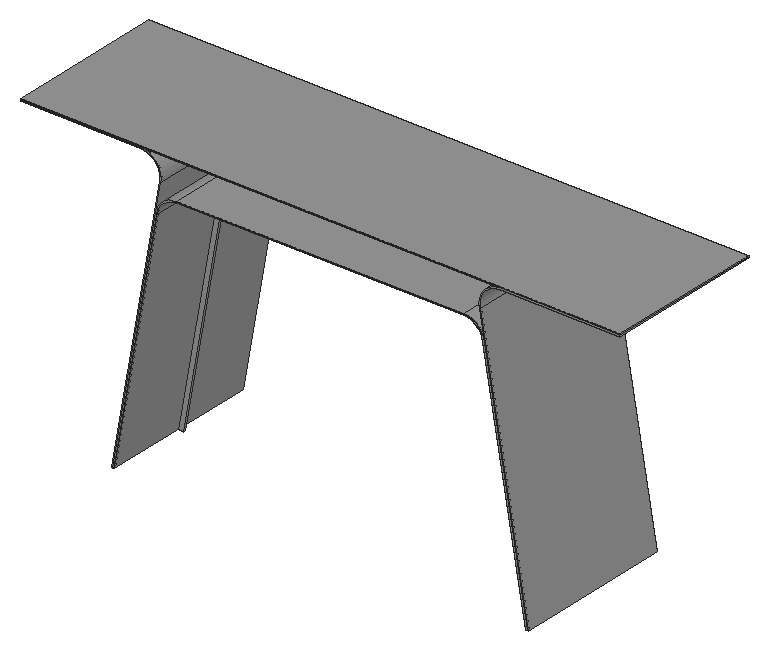
Revit family "Inari-LivingDivani", category Furniture, Revit 2013
Parameters
  URL = "http://www.livingdivani.it"
  Model = "Inari"
  Mat. Struttura = Plastic, Opaque Black
  Manufacturer = "Living Divani"
  Description = ""
  Codice prodotto = "INAS150"
Reference planes (cm)
  plane 1 "Centro (Fronte/Retro)": y = 0
  plane 2: z = 0
  plane 3 "Centro (Sinistra/Destra)": x = 0
  plane 4 "top": z = 72
  plane 5: x = 110
  plane 6: x = -110
  plane 7 "base": z = 63.5
Forms (cm)
  Extrusion 1, solid, material "Linen, White", not visible
    sketch origin (0, 0, 0) x (1, 0, 0) y (0, 0, 1)
      loop
        line (-85, 18) -> (-85, 29.1823)
        arc (-85, 29.1823) -> (-80.169, 48.2596) -> (-84.4597, 67.4656) r 42.4528
        arc (-84.4597, 67.4656) -> (-85.5057, 68.8949) -> (-86.9843, 69.8699) r 5
        arc (-86.9843, 69.8699) -> (-93.3299, 70.9774) -> (-99.4999, 69.1268) r 14.0026
        arc (-99.4999, 69.1268) -> (-99.866, 68.7608) -> (-100, 68.2607) r 1
        line (-100, 68.2607) -> (-100, 18) -> (-85, 18)
    from -55 to 28.969
  Extrusion 2, void, not visible
    sketch origin (0, 0, 0) x (1, 0, 0) y (0, 1, 0)
      loop
        line (-78.5519, 33.5519) -> (-78.5519, 56.4969) -> (-100, 56.4969) -> (-100, 55) -> (-78.5519, 33.5519)
    from 0 to 88.2421
  Extrusion 3, solid, material "Linen, White", not visible
    sketch origin (0, 0, 0) x (-1, 0, 0) y (0, 0, -1)
      loop
        line (-85, -18) -> (-100, -18) -> (-100, -68.2607)
        arc (-100, -68.2607) -> (-99.866, -68.7608) -> (-99.4999, -69.1268) r 1
        arc (-99.4999, -69.1268) -> (-93.3299, -70.9774) -> (-86.9843, -69.8699) r 14.0026
        arc (-86.9843, -69.8699) -> (-85.5057, -68.8949) -> (-84.4597, -67.4656) r 5
        arc (-84.4597, -67.4656) -> (-80.169, -48.2596) -> (-85, -29.1823) r 42.4528
        line (-85, -29.1823) -> (-85, -18)
    from -55 to 28.969
  Extrusion 4, void, not visible
    sketch origin (0, 0, 0) x (-1, 0, 0) y (0, -1, 0)
      loop
        line (-78.5519, -33.5519) -> (-100, -55) -> (-100, -56.4969) -> (-78.5519, -56.4969) -> (-78.5519, -33.5519)
    from 0 to 88.2421
  Extrusion 5, solid, material "Plastic, Opaque Black" <- "Mat. Struttura"
    sketch origin (0, 0, 0) x (1, 0, 0) y (0, 0, 1)
      loop
        arc (-64.9798, 73.9) -> (-64.7746, 73.0675) -> (-64, 72.7) r 1
        line (-64, 72.7) -> (64, 72.7)
        arc (64, 72.7) -> (64.7746, 73.0675) -> (64.9798, 73.9) r 1
        line (64.9798, 73.9) -> (-64.9798, 73.9)
    from 0.5 to -0.5
  Extrusion 6, solid, material "Plastic, Opaque Black" <- "Mat. Struttura"
    sketch origin (0, 20, 0) x (1, 0, 0) y (0, 0, 1)
      loop
        line (-75, 74.5) -> (-75, 74.2) -> (75, 74.2) -> (75, 74.5) -> (-75, 74.5)
    from 0 to 40
  Extrusion 7, solid, material "Plastic, Opaque Black" <- "Mat. Struttura"
    sketch origin (0, 20, 0) x (1, 0, 0) y (0, 0, 1)
      loop
        arc (45, 74.2) -> (40.94, 72.3068) -> (39.7805, 67.9797) r 5.3
        line (39.7805, 67.9797) -> (51.7672, 0) -> (52.0718, 0) -> (40.076, 68.0318)
        arc (40.076, 68.0318) -> (41.1698, 72.1139) -> (45, 73.9) r 5
        line (45, 73.9) -> (75, 73.9) -> (75, 74.2) -> (45, 74.2)
    from 0 to 40
  Extrusion 8, solid, material "Plastic, Opaque Black" <- "Mat. Struttura"
    sketch origin (0, 20, 0) x (-1, 0, 0) y (0, 0, -1)
      loop
        line (45, -74.2) -> (75, -74.2) -> (75, -73.9) -> (45, -73.9)
        arc (45, -73.9) -> (41.1698, -72.1139) -> (40.076, -68.0318) r 5
        line (40.076, -68.0318) -> (52.0718, 0) -> (51.7672, 0) -> (39.7805, -67.9797)
        arc (39.7805, -67.9797) -> (40.94, -72.3068) -> (45, -74.2) r 5.3
    from 0 to 40
  Extrusion 9, solid, material "Plastic, Opaque Black" <- "Mat. Struttura"
    sketch origin (0, 20, 0) x (1, 0, 0) y (0, 0, 1)
      loop
        arc (-35.8234, 65.2) -> (-39.2302, 63.96) -> (-41.0429, 60.8203) r 5.3
        line (-41.0429, 60.8203) -> (-51.7672, 0) -> (-51.4625, 0) -> (-40.7475, 60.7682)
        arc (-40.7475, 60.7682) -> (-39.0374, 63.7302) -> (-35.8234, 64.9) r 5
        line (-35.8234, 64.9) -> (35.8234, 64.9)
        arc (35.8234, 64.9) -> (39.0374, 63.7302) -> (40.7475, 60.7682) r 5
        line (40.7475, 60.7682) -> (51.4625, 0) -> (51.7672, 0) -> (41.0429, 60.8203)
        arc (41.0429, 60.8203) -> (39.2302, 63.96) -> (35.8234, 65.2) r 5.3
        line (35.8234, 65.2) -> (-35.8234, 65.2)
    from 0 to 40
  Extrusion 10, solid, material "Plastic, Opaque Black" <- "Mat. Struttura"
    sketch origin (0, 0.15, 0) x (1, 0, 0) y (0, 0, 1)
      loop
        line (-34.4882, 72.7) -> (-41.3054, 72.7)
        arc (-41.3054, 72.7) -> (-39.9566, 70.5292) -> (-39.7805, 67.9797) r 5.3
        line (-39.7805, 67.9797) -> (-41.0429, 60.8203)
        arc (-41.0429, 60.8203) -> (-40.3133, 62.7162) -> (-38.9241, 64.1983) r 5.3
        line (-38.9241, 64.1983) -> (-37.935, 69.8078)
        arc (-37.935, 69.8078) -> (-36.738, 71.8812) -> (-34.4882, 72.7) r 3.5
      loop
        line (-35.8234, 63.4) -> (35.8234, 63.4)
        arc (35.8234, 63.4) -> (38.0732, 62.5812) -> (39.2702, 60.5078) r 3.5
        line (39.2702, 60.5078) -> (49.9394, 0) -> (51.4625, 0) -> (40.7475, 60.7682)
        arc (40.7475, 60.7682) -> (39.0374, 63.7302) -> (35.8234, 64.9) r 5
        line (35.8234, 64.9) -> (-35.8234, 64.9)
        arc (-35.8234, 64.9) -> (-39.0374, 63.7302) -> (-40.7475, 60.7682) r 5
        line (-40.7475, 60.7682) -> (-51.4625, 0) -> (-49.9394, 0) -> (-39.2702, 60.5078)
        arc (-39.2702, 60.5078) -> (-38.0732, 62.5812) -> (-35.8234, 63.4) r 3.5
      loop
        arc (34.4882, 72.7) -> (36.738, 71.8812) -> (37.935, 69.8078) r 3.5
        line (37.935, 69.8078) -> (38.9241, 64.1983)
        arc (38.9241, 64.1983) -> (40.3133, 62.7162) -> (41.0429, 60.8203) r 5.3
        line (41.0429, 60.8203) -> (39.7805, 67.9797)
        arc (39.7805, 67.9797) -> (39.9566, 70.5292) -> (41.3054, 72.7) r 5.3
        line (41.3054, 72.7) -> (34.4882, 72.7)
    from 0 to 0.3
Lines and regions (cm)
  model lines, not visible
    curve 1: arc (142.5, 40, 40.4063) -> (142.5, -7.7258, 44.8408) -> (142.5, -55.6482, 43.9108) r 427.9768
    curve 2: arc (142.5, -55.6482, 43.9108) -> (142.5, -56.9941, 43.3917) -> (142.5, -57.8292, 42.2153) r 2.5
    curve 3: arc (142.5, -57.8292, 42.2153) -> (142.5, -58.6593, 36.9132) -> (142.5, -57.6808, 31.6365) r 15.9229
    curve 4: arc (142.5, -57.6808, 31.6365) -> (142.5, -56.765, 30.4495) -> (142.5, -55.3347, 30) r 2.5
    curve 5: line (350.8333, 40.8327, 61.8833) -> (350.8333, 44.8452, 76.858)
    curve 6: arc (350.8333, 19.2897, 45.6161) -> (350.8333, 23.0144, 61.3242) -> (350.8333, 28.8022, 76.3947) r 120.6881
    curve 7: line (350.8333, 42.4245, 80.0128) -> (350.8333, 34.5369, 80.0128)
    curve 8: arc (350.8333, 42.4245, 80.0128) -> (350.8333, 44.4127, 79.0323) -> (350.8333, 44.8452, 76.858) r 2.5061
    curve 9: arc (350.8333, 34.5369, 80.0128) -> (350.8333, 31.1465, 79.0327) -> (350.8333, 28.8022, 76.3947) r 6.3538
    curve 10: arc (350.8333, 21.3758, 42.8725) -> (350.8333, 19.7398, 43.7934) -> (350.8333, 19.2897, 45.6161) r 2.3659
    curve 11: arc (457.5, -41.1808, 29.528) -> (457.5, -40.2346, 28.4157) -> (457.5, -38.8347, 28) r 2.5652
    curve 12: arc (457.5, -41.3292, 42.2606) -> (457.5, -42.5488, 35.8792) -> (457.5, -41.1808, 29.528) r 16.3119
    curve 13: arc (457.5, -39.1482, 43.8503) -> (457.5, -40.4656, 43.3667) -> (457.5, -41.3292, 42.2606) r 2.5564
    curve 14: arc (457.5, 34.91, 41.2077) -> (457.5, -2.0467, 44.5571) -> (457.5, -39.1482, 43.8503) r 339.2674
    curve 15: arc (643.4167, 44.0083, 75.2794) -> (643.4167, 37.8383, 77.13) -> (643.4167, 31.4927, 76.0225) r 14.0026
    curve 16: arc (643.4167, 31.4927, 76.0225) -> (643.4167, 30.0141, 75.0475) -> (643.4167, 28.9681, 73.6182) r 5
    curve 17: arc (643.4167, 44.5084, 74.4133) -> (643.4167, 44.3744, 74.9134) -> (643.4167, 44.0083, 75.2794) r 1
    curve 18: line (643.4167, 44.5084, 24.1526) -> (643.4167, 44.5084, 74.4133)
    curve 19: arc (15, 39.4597, 67.4656) -> (15, 35.169, 48.2596) -> (15, 40, 29.1823) r 42.4528
    curve 20: arc (15, 41.9843, 69.8699) -> (15, 40.5057, 68.8949) -> (15, 39.4597, 67.4656) r 5
    curve 21: line (15, 55, 18) -> (15, 55, 68.2607)
    curve 22: arc (15, 55, 68.2607) -> (15, 54.866, 68.7608) -> (15, 54.4999, 69.1268) r 1
    curve 23: arc (15, 54.4999, 69.1268) -> (15, 48.3299, 70.9774) -> (15, 41.9843, 69.8699) r 14.0026
    curve 24: arc (0, -28.969, 37.1636) -> (0, -30.2309, 36.4485) -> (0, -30.8835, 35.1531) r 2.5
    curve 25: arc (0, 39.8911, 33.442) -> (0, 5.6044, 37.9554) -> (0, -28.969, 37.1636) r 225.0994
    curve 26: arc (0, -30.8835, 35.1531) -> (0, -31.5326, 27.5955) -> (0, -30.8835, 20.0379) r 44.3218
    curve 27: arc (0, -30.8835, 35.1531) -> (0, -31.5326, 27.5955) -> (0, -30.8835, 20.0379) r 44.3218
    curve 28: arc (91.6667, 39.8911, 38.442) -> (91.6667, 5.6044, 42.9554) -> (91.6667, -28.969, 42.1636) r 225.0994
    curve 29: arc (91.6667, -28.969, 42.1636) -> (91.6667, -30.2309, 41.4485) -> (91.6667, -30.8835, 40.1531) r 2.5
    curve 30: arc (91.6667, -30.8835, 40.1531) -> (91.6667, -31.5326, 32.5955) -> (91.6667, -30.8835, 25.0379) r 44.3218
    curve 31: arc (91.6667, -30.8835, 25.0379) -> (91.6667, -30.0394, 23.5895) -> (91.6667, -28.4701, 23) r 2.5
    curve 32: arc (643.4167, 29.3984, 39.5948) -> (643.4167, 25.1951, 57.0411) -> (643.4167, 29.3984, 74.4873) r 38.3075
    curve 33: arc (0, 54.4376, 69.1638) -> (0, 48.2677, 71.0144) -> (0, 41.9221, 69.9069) r 14.0026
    curve 34: arc (0, 41.9221, 69.9069) -> (0, 40.4434, 68.9319) -> (0, 39.3974, 67.5026) r 5
    curve 35: arc (0, 54.9377, 68.2977) -> (0, 54.8037, 68.7978) -> (0, 54.4376, 69.1638) r 1
    curve 36: line (0, 54.9377, 18.037) -> (0, 54.9377, 68.2977)
    curve 37: arc (0, 39.89, 33.4422) -> (0, 35.6867, 50.8419) -> (0, 39.8477, 68.2517) r 38.3075
Dimensions and locks (cm)
  aligned and locked: level to plane 2
